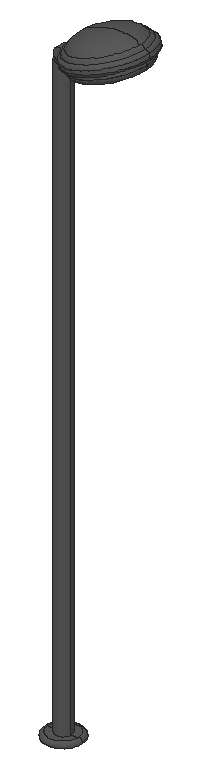
Revit family "svetilnik_alfresco_alkor_dku-01_os", category Lighting Fixtures, Revit 2016 (continued)
Definition of nested family "Алькор"
  Types (3, lengths in mm): name | Photometric Web File | built-in parameter 1150105 | Lumens | built-in parameter 1150106 | built-in parameter 1150142 | Wattage
    ДКУ Алькор 60Вт | "DTU-01-AF_DKU-01-AF-ALJKOR60W.ies" | 4081.1 (stored number, unit not read) | 5700 lm | 40.811 (stored number, unit not read) | "IESNA:LM-63-1995\r\n[TEST] alf\r\n[MANUFAC] Alfresco\r\n[LUMCAT]  \r\n[LUMINAIRE] ДКУ-01-AF \"Алькор\" 60w\r\n[LAMPCAT]Cree\r\n[LAMP]LED\r\n[MORE]\r\n[OTHER]\r\nTILT=NONE\r\n1 6000 1 91 37 1 2 0.525 0.525 0.000\r\n1.000 1 63.7\r\n0.0    1.0    2.0    3.0    4.0    5.0    6.0    7.0    8.0    9.0    \r\n 10.0   11.0   12.0   13.0   14.0   15.0   16.0   17.0   18.0   19.0   \r\n 20.0   21.0   22.0   23.0   24.0   25.0   26.0   27.0   28.0   29.0   \r\n 30.0   31.0   32.0   33.0   34.0   35.0   36.0   37.0   38.0   39.0   \r\n 40.0   41.0   42.0   43.0   44.0   45.0   46.0   47.0   48.0   49.0   \r\n 50.0   51.0   52.0   53.0   54.0   55.0   56.0   57.0   58.0   59.0   \r\n 60.0   61.0   62.0   63.0   64.0   65.0   66.0   67.0   68.0   69.0   \r\n 70.0   71.0   72.0   73.0   74.0   75.0   76.0   77.0   78.0   79.0   \r\n 80.0   81.0   82.0   83.0   84.0   85.0   86.0   87.0   88.0   89.0   \r\n 90.0   \r\n0.0    10.0   20.0   30.0   40.0   50.0   60.0   70.0   80.0   90.0   \r\n 100.0  110.0  120.0  130.0  140.0  150.0  160.0  170.0  180.0  190.0  \r\n 200.0  210.0  220.0  230.0  240.0  250.0  260.0  270.0  280.0  290.0  \r\n 300.0  310.0  320.0  330.0  340.0  350.0  360.0  \r\n1605.95  1585.78  1577.32  1581.35  1587.59  1597.48  1616.26  1645.61  1686.91  1724.77  \r\n 1761.49  1807.13  1858.28  1910.08  1962.78  2014.68  2062.84  2112.97  2165.84  2221.37  \r\n 2287.01  2361.64  2437.59  2510.12  2576.61  2634.81  2680.78  2713.57  2741.30  2762.66  \r\n 2777.32  2783.43  2783.88  2779.08  2764.98  2734.30  2674.77  2569.22  2409.17  2194.22  \r\n 1946.88  1708.08  1518.20  1329.10  1188.84  1068.39  955.62   845.97   756.23   662.57   \r\n 570.83   487.97   409.87   336.38   270.35   220.01   186.34   162.23   141.88   121.62   \r\n 107.06   96.83    90.79    86.24    81.17    73.89    69.53    65.61    60.35    55.66    \r\n 50.44    44.33    39.32    37.45    37.07    34.89    30.06    24.53    19.91    15.52    \r\n 12.12    8.95     5.95     4.07     3.07     2.51     1.99     1.41     1.06     1.05     \r\n 1.06     \r\n1605.95  1585.07  1581.69  1590.58  1600.28  1610.76  1629.65  1654.38  1702.25  1713.83  \r\n 1750.84  1801.65  1854.01  1904.73  1956.90  2004.67  2054.83  2104.17  2157.54  2216.60  \r\n 2285.82  2359.46  2434.82  2509.12  2583.96  2646.04  2696.85  2735.72  2767.71  2794.23  \r\n 2811.14  2820.15  2822.05  2819.02  2803.54  2771.04  2713.11  2612.59  2458.94  2253.47  \r\n 2009.56  1751.20  1526.18  1345.84  1195.51  1067.90  948.93   836.34   738.23   647.00   \r\n 555.83   474.00   398.29   328.81   263.37   216.48   181.56   157.57   138.55   120.89   \r\n 108.89   101.38   93.55    87.89    82.04    76.16    70.98    66.81    60.85    54.62    \r\n 49.09    44.47    38.70    36.20    34.16    31.40    26.94    22.07    18.31    14.42    \r\n 11.30    8.62     5.88     3.94     3.08     2.50     1.95     1.37     1.09     1.07     \r\n 1.07     \r\n1605.95  1595.19  1583.29  1595.89  1610.64  1627.96  1655.92  1695.40  1755.09  1744.06  \r\n 1778.27  1819.19  1865.84  1913.67  1956.25  2005.69  2055.37  2108.56  2148.80  2206.07  \r\n 2277.84  2354.21  2436.28  2528.58  2611.43  2693.70  2760.99  2814.54  2854.33  2887.46  \r\n 2910.69  2927.14  2937.73  2934.09  2922.42  2898.16  2862.18  2801.91  2705.08  2556.76  \r\n 2345.38  2091.31  1808.47  1575.59  1343.41  1175.83  1039.42  919.47   808.92   706.74   \r\n 610.99   520.83   441.28   373.36   309.22   251.00   210.18   178.88   157.90   137.47   \r\n 117.19   107.68   99.76    92.45    86.60    80.87    73.70    67.33    61.46    55.00    \r\n 50.13    48.23    42.91    37.72    35.87    34.92    30.74    23.79    18.51    14.26    \r\n 11.27    9.80     7.55     4.39     3.22     2.62     2.06     1.45     1.15     1.16     \r\n 1.18     \r\n1605.95  1596.59  1587.43  1603.94  1625.91  1656.59  1691.77  1731.29  1783.56  1802.31  \r\n 1840.01  1864.71  1896.91  1919.77  1961.26  2002.47  2050.26  2110.60  2157.00  2206.65  \r\n 2255.75  2320.96  2401.48  2507.06  2589.76  2678.52  2760.07  2833.27  2895.27  2949.56  \r\n 2987.04  3011.55  3031.11  3046.09  3044.20  3035.68  3021.24  2992.69  2955.36  2898.53  \r\n 2802.67  2660.05  2459.42  2206.06  1916.91  1639.31  1404.94  1213.40  1063.28  933.58   \r\n 822.10   726.93   650.46   574.06   496.18   414.56   331.25   275.88   233.04   192.30   \r\n 161.86   140.00   128.01   119.40   114.11   109.09   100.13   89.59    79.05    68.93    \r\n 58.82    50.37    45.03    41.30    37.64    33.28    29.43    25.36    20.77    16.53    \r\n 12.54    9.25     6.74     4.72     3.72     3.04     2.39     1.75     1.50     1.49     \r\n 1.56     \r\n1605.95  1601.52  1591.64  1610.11  1640.35  1691.50  1734.13  1758.47  1810.39  1808.13  \r\n 1824.06  1831.44  1846.01  1882.20  1917.15  1974.22  2045.59  2079.12  2126.00  2177.41  \r\n 2233.36  2324.94  2397.75  2473.43  2541.52  2618.91  2714.99  2793.23  2901.07  2962.30  \r\n 3014.38  3063.37  3105.87  3126.08  3147.34  3163.15  3175.44  3180.89  3186.74  3180.92  \r\n 3165.93  3141.30  3073.37  2990.62  2886.77  2747.09  2564.94  2332.72  2074.05  1814.32  \r\n 1592.74  1371.37  1178.74  998.76   826.76   664.71   518.47   397.57   324.19   278.71   \r\n 246.86   220.25   189.75   162.48   142.26   122.14   108.45   100.23   93.60    87.87    \r\n 83.11    78.28    72.86    63.42    54.17    46.30    42.21    37.14    30.74    23.53    \r\n 16.67    11.82    8.52     5.95     4.69     3.96     3.24     2.49     2.26     2.31     \r\n 2.41     \r\n1605.95  1604.08  1596.95  1619.44  1653.16  1701.99  1757.21  1765.05  1783.04  1783.15  \r\n 1772.85  1781.84  1816.56  1846.57  1889.36  1948.28  1993.87  2028.29  2078.61  2147.04  \r\n 2203.33  2271.12  2306.90  2339.81  2383.17  2441.94  2527.43  2616.94  2685.68  2771.20  \r\n 2872.39  2955.57  3025.04  3086.99  3147.66  3202.04  3250.15  3295.89  3328.40  3359.27  \r\n 3385.54  3407.38  3427.54  3444.92  3453.17  3456.79  3463.60  3483.96  3454.19  3399.19  \r\n 3293.47  3139.42  2909.60  2622.90  2280.22  1904.89  1542.08  1211.23  903.49   692.78   \r\n 483.09   399.76   351.92   315.30   286.49   233.11   186.49   142.06   109.84   89.03    \r\n 75.95    65.37    57.75    51.85    46.99    44.31    41.88    39.71    36.64    29.44    \r\n 22.17    16.03    10.54    7.02     5.91     5.17     4.37     3.51     3.30     3.43     \r\n 3.61     \r\n1605.95  1597.61  1604.19  1619.04  1653.44  1692.02  1737.22  1740.91  1750.39  1739.73  \r\n 1734.10  1751.18  1770.37  1798.58  1828.77  1869.21  1896.37  1916.00  1950.65  1975.55  \r\n 2008.68  2043.34  2091.59  2153.44  2229.44  2309.63  2380.05  2448.32  2515.29  2579.06  \r\n 2633.38  2692.67  2760.10  2836.71  2911.11  2999.98  3092.68  3186.28  3274.67  3360.89  \r\n 3412.36  3478.06  3541.84  3602.72  3659.84  3717.22  3765.44  3810.22  3852.03  3888.37  \r\n 3926.36  3960.86  3981.81  3976.60  3929.13  3827.85  3638.75  3320.84  2870.95  2310.33  \r\n 1760.75  1212.60  817.10   577.33   464.47   399.86   343.66   288.23   236.82   191.90   \r\n 152.24   112.66   84.54    67.52    57.40    50.27    43.05    39.69    34.18    27.84    \r\n 19.83    15.54    12.66    10.36    8.02     6.79     5.83     4.75     4.51     4.70     \r\n 4.94     \r\n1605.95  1592.54  1601.67  1619.39  1650.95  1682.95  1708.85  1716.15  1715.82  1701.76  \r\n 1708.41  1705.62  1704.66  1719.85  1733.70  1755.70  1784.14  1806.21  1817.69  1835.29  \r\n 1862.36  1904.74  1952.96  2008.87  2062.84  2113.36  2149.83  2185.53  2221.09  2253.73  \r\n 2296.36  2347.60  2403.88  2465.65  2541.62  2614.46  2685.55  2767.03  2849.08  2928.93  \r\n 3012.84  3109.26  3221.50  3347.10  3427.21  3517.60  3625.06  3737.26  3858.91  3972.49  \r\n 4068.08  4157.77  4245.25  4332.96  4408.01  4451.14  4443.35  4362.42  4197.65  3946.33  \r\n 3591.81  3096.85  2467.64  1736.08  1114.81  683.67   474.28   384.58   323.38   270.59   \r\n 221.27   176.83   137.55   105.53   79.92    64.54    49.23    38.22    31.29    25.07    \r\n 20.59    17.16    14.20    11.44    9.50     8.28     7.19     5.94     5.67     5.89     \r\n 6.19     \r\n1605.95  1585.16  1590.49  1608.42  1633.89  1663.76  1681.71  1693.90  1685.12  1671.80  \r\n 1665.33  1655.11  1647.18  1656.43  1674.40  1689.43  1709.87  1722.45  1731.06  1755.70  \r\n 1793.28  1832.37  1871.76  1901.02  1926.31  1940.77  1949.92  1965.43  1981.42  2003.47  \r\n 2032.66  2065.19  2103.33  2153.55  2202.85  2258.10  2321.96  2384.95  2436.90  2478.24  \r\n 2520.64  2577.77  2642.22  2711.05  2783.21  2857.01  2940.43  3033.64  3126.52  3226.31  \r\n 3337.29  3454.06  3602.72  3766.98  3950.73  4141.83  4305.33  4408.47  4420.65  4318.55  \r\n 4102.91  3750.10  3251.17  2621.49  1940.02  1304.11  818.95   539.78   411.36   340.53   \r\n 285.06   237.74   193.90   157.67   121.47   93.14    72.31    57.22    44.89    35.01    \r\n 27.05    20.67    16.33    13.39    10.96    9.50     8.35     7.01     6.65     6.92     \r\n 7.30     \r\n1605.95  1589.06  1590.47  1607.01  1626.98  1658.33  1669.57  1673.45  1663.41  1648.99  \r\n 1624.69  1611.16  1603.74  1610.64  1629.36  1637.84  1655.77  1683.56  1701.27  1725.48  \r\n 1756.65  1786.91  1803.85  1813.20  1818.77  1815.72  1814.32  1822.86  1842.58  1862.68  \r\n 1878.68  1901.78  1931.08  1968.24  2010.53  2061.82  2135.65  2222.98  2268.01  2298.65  \r\n 2338.34  2381.93  2393.09  2391.74  2423.77  2464.17  2517.72  2579.54  2634.30  2694.44  \r\n 2757.17  2824.42  2908.06  3009.69  3120.13  3248.05  3373.30  3485.49  3563.83  3582.66  \r\n 3532.94  3403.73  3209.84  2939.65  2603.98  2217.05  1808.52  1362.14  962.15   658.53   \r\n 463.75   357.78   284.72   227.59   179.84   142.68   105.57   78.19    57.07    43.23    \r\n 32.79    25.33    19.39    14.99    11.58    10.18    8.90     7.49     6.85     7.10     \r\n 7.49     \r\n1605.95  1583.91  1585.48  1600.46  1612.94  1651.31  1646.36  1646.74  1635.24  1608.84  \r\n 1583.63  1564.00  1555.45  1545.83  1542.42  1555.12  1578.10  1604.28  1635.06  1668.95  \r\n 1687.79  1697.97  1692.92  1676.97  1663.10  1652.00  1645.20  1636.18  1640.61  1640.62  \r\n 1644.15  1655.41  1671.01  1692.89  1722.25  1756.31  1788.13  1830.48  1849.96  1856.32  \r\n 1873.52  1903.66  1940.67  1980.46  2029.48  2078.41  2132.30  2183.37  2242.39  2304.86  \r\n 2366.42  2426.60  2495.52  2566.39  2654.46  2749.17  2852.30  2951.02  3030.04  3091.28  \r\n 3124.16  3134.49  3098.35  3011.67  2856.09  2658.30  2426.65  2152.01  1829.71  1376.85  \r\n 934.41   638.79   344.71   237.83   185.49   150.27   123.57   99.88    79.40    60.06    \r\n 40.74    27.80    19.83    14.47    11.58    9.82     8.60     7.30     6.55     6.75     \r\n 7.17     \r\n1605.95  1583.36  1578.92  1595.20  1599.05  1624.37  1616.62  1612.82  1609.15  1582.30  \r\n 1550.35  1528.91  1504.50  1484.03  1469.44  1477.30  1492.36  1520.75  1558.54  1587.24  \r\n 1610.70  1625.33  1612.89  1586.62  1557.69  1524.03  1498.65  1479.39  1466.22  1464.59  \r\n 1464.91  1469.39  1479.82  1492.78  1509.69  1523.29  1534.61  1551.99  1563.98  1575.67  \r\n 1588.77  1631.23  1666.20  1696.16  1681.58  1674.49  1686.66  1714.04  1746.56  1789.78  \r\n 1829.81  1875.00  1930.94  1974.38  2024.23  2074.39  2124.43  2178.40  2236.23  2301.54  \r\n 2376.41  2443.31  2495.22  2495.93  2444.64  2367.04  2236.71  2022.53  1670.07  1317.47  \r\n 919.78   582.25   340.03   224.41   174.05   145.32   116.62   90.84    67.77    49.48    \r\n 34.77    25.39    17.75    12.85    10.18    8.46     7.31     6.19     5.34     5.52     \r\n 5.91     \r\n1605.95  1578.24  1572.07  1587.87  1585.97  1583.84  1575.05  1561.75  1556.75  1546.12  \r\n 1514.51  1483.76  1453.46  1434.89  1417.00  1411.49  1411.16  1425.21  1452.89  1488.97  \r\n 1525.41  1548.42  1556.57  1553.68  1531.12  1487.68  1436.58  1384.58  1339.53  1317.82  \r\n 1301.55  1288.83  1278.69  1268.78  1262.32  1251.83  1244.86  1244.38  1242.26  1243.65  \r\n 1242.96  1252.26  1273.67  1295.90  1325.20  1348.45  1358.85  1352.02  1353.80  1354.07  \r\n 1367.92  1389.66  1409.19  1426.85  1454.33  1477.65  1510.29  1539.17  1561.66  1582.38  \r\n 1605.18  1613.78  1597.54  1575.95  1521.88  1422.46  1284.31  1064.68  787.51   542.18   \r\n 297.03   187.85   149.69   128.93   111.55   92.92    73.69    59.05    46.81    36.05    \r\n 25.95    19.00    13.40    9.85     7.58     6.28     5.33     4.46     3.81     3.91     \r\n 4.28     \r\n1605.95  1578.97  1564.09  1570.98  1581.46  1560.55  1542.89  1525.28  1509.86  1509.56  \r\n 1493.64  1461.37  1424.17  1388.98  1370.82  1352.45  1343.23  1329.43  1328.67  1339.07  \r\n 1351.35  1365.89  1379.18  1394.58  1396.71  1385.86  1365.45  1326.30  1270.92  1216.79  \r\n 1169.42  1136.62  1110.67  1097.24  1087.14  1074.61  1063.70  1046.49  1026.82  1014.28  \r\n 1005.85  1001.39  1001.81  1004.73  1009.89  1017.40  1027.26  1039.46  1054.79  1057.56  \r\n 1045.55  1045.94  1036.70  1018.58  998.64   989.62   987.21   991.62   989.07   975.54   \r\n 953.86   915.82   863.32   784.40   671.19   530.31   383.76   263.42   178.74   144.24   \r\n 109.76   98.88    86.90    75.46    64.13    53.53    44.51    36.60    30.06    24.40    \r\n 19.82    16.06    11.80    8.27     5.75     4.57     3.82     3.12     2.48     2.41     \r\n 2.68     \r\n1605.95  1574.37  1554.94  1549.87  1558.91  1539.11  1517.97  1497.46  1482.04  1471.49  \r\n 1462.24  1429.91  1399.03  1361.63  1335.58  1312.39  1292.80  1274.35  1249.52  1227.66  \r\n 1211.61  1193.48  1175.61  1158.17  1145.10  1136.17  1137.55  1139.44  1123.40  1104.90  \r\n 1095.05  1085.03  1066.38  1038.27  1000.92  965.15   938.36   920.26   899.81   885.39   \r\n 876.36   870.22   877.60   907.03   929.60   987.62   1004.57  935.98   865.84   829.79   \r\n 826.46   833.67   819.23   775.42   718.79   701.45   687.38   673.32   651.52   617.14   \r\n 554.40   474.82   404.08   322.06   250.21   193.94   152.69   127.07   111.81   98.15    \r\n 85.13    73.81    59.49    50.95    42.61    36.84    32.16    28.07    24.49    20.85    \r\n 17.30    13.99    10.49    7.26     4.84     3.62     2.92     2.28     1.65     1.39     \r\n 1.44     \r\n1605.95  1575.54  1557.51  1539.58  1532.07  1522.12  1497.89  1485.13  1464.71  1440.21  \r\n 1422.98  1409.94  1378.56  1346.34  1317.63  1298.81  1275.31  1242.61  1208.12  1179.35  \r\n 1154.48  1131.21  1100.18  1076.39  1055.92  1023.89  1000.33  979.03   966.18   955.06   \r\n 947.21   936.19   913.85   893.12   881.82   858.31   832.59   817.00   805.29   797.16   \r\n 785.03   768.72   754.83   738.43   720.56   704.48   691.52   678.55   666.07   654.07   \r\n 642.23   633.29   623.59   614.46   609.10   589.04   564.38   523.37   462.36   405.62   \r\n 344.09   268.81   206.46   166.27   126.12   108.03   99.81    95.82    85.55    76.81    \r\n 64.00    54.97    47.81    41.52    36.39    31.59    27.52    24.37    21.59    18.99    \r\n 16.22    13.47    9.96     6.71     4.49     3.17     2.54     1.96     1.37     0.98     \r\n 0.95     \r\n1605.95  1572.60  1551.92  1544.36  1515.95  1504.01  1483.32  1465.79  1433.45  1423.42  \r\n 1402.07  1383.70  1365.29  1327.44  1300.80  1274.05  1245.12  1224.05  1197.80  1169.98  \r\n 1124.97  1083.99  1057.38  1029.99  1009.70  1008.25  1002.35  979.52   953.13   924.56   \r\n 906.26   890.04   876.02   867.18   855.77   829.97   814.99   803.92   783.83   756.84   \r\n 737.19   716.37   705.21   680.41   662.52   645.75   631.52   615.74   597.79   578.96   \r\n 562.14   543.50   528.46   511.12   486.49   456.35   416.39   367.17   316.90   262.95   \r\n 211.09   162.99   127.85   105.04   93.62    86.90    79.64    72.50    65.36    58.32    \r\n 52.23    46.95    41.85    37.06    33.12    29.74    26.62    23.46    20.17    16.81    \r\n 13.65    10.62    8.04     5.97     4.14     2.94     2.34     1.84     1.34     0.94     \r\n 0.83     \r\n1605.95  1573.91  1554.70  1532.98  1511.27  1490.92  1472.48  1445.02  1432.70  1417.30  \r\n 1389.95  1391.32  1348.23  1332.19  1306.96  1270
